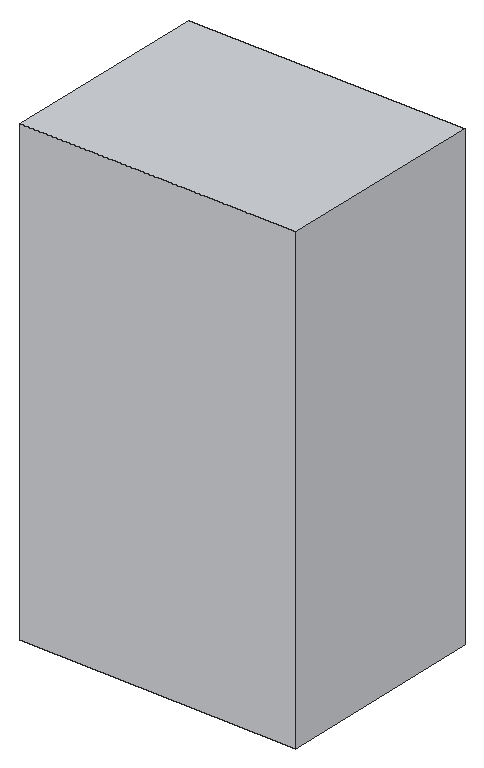
Revit family
Parameters
  Warranty Duration (Years) = 0
  URL = "http://www.americanspecialties.com/viewCategories.cfm"
  Grab Bar Length [instance] = 1' - 0"
  Body Material = Metal - Stainless Steel w/Satin
  Test Data = ""
  Specification = "http://www.arcat.com/sdspecs/htm/10810asi.htm"
  SpecWizard = ""
  Send Message = "http://www.arcat.com/users.pl?action=UserEmail&company=American%20Specialties,%20Inc.&coid=30448&rep=139&fax=914-476-0688&mf="
  Sales Information = "http://www.americanspecialties.com/contact"
  Revision = "R1_10-2010"
  Product Properties = "http://www.americanspecialties.com/datasheets/34001.pdf"
  Product Data = "http://www.arcat.com/arcatcos/cos30/arc30448.html"
  Model = "As Specified in 10 28 13"
  Manufacturer Website = "http://www.americanspecialties.com/viewCategories.cfm"
  Manufacturer Phone - Toll Free = ""
  Manufacturer Phone = "914-476-9000 "
  Manufacturer Fax = "914-476-0688"
  Manufacturer Address = "441 Saw Mill River Rd., Yonkers, NY 10701"
  Manufacturer = "American Specialties, Inc."
  Maintenance Schedule (Months) = 0
  Keynote = "10 28 13"
  Installation-Fabrication = "http://www.americanspecialties.com/products.cfm"
  Green Building-LEED = ""
  Expected Lifespan (Years) = 0
  Trim Material = none
  Drawn By = "Robert S. Weygant. CSI, CDT, SCIP"  # constant formula
  Description = "Toilet Accessory as Specified in 10 28 13"
  Default Elevation = 4' - 0"
  Copyright = "©Arcat Inc."
  Construction Details = "http://www.arcat.com/green/clients/leed_data_30448.html"
  Building Codes = "http://www.americanspecialties.com/products.cfm"
  Assembly Code = "C1030210"
Reference planes (in)
  plane 1 "Center (Front/Back)": y = -0.29112
  plane 2 "Floor Line": z = 0
  plane 3 "Center (Left/Right)": x = -0.65843
  plane 4: x = -6.65843
  plane 5: x = 5.34157
  plane 6: z = 0.125
Forms (in)
  Extrusion 1, solid
    sketch origin (-3.65843, -8.79112, -6) x (0, 0, -1) y (1, 0, 0)
      loop
        line (-82, 26) -> (-82, -19.34712) -> (-6, -19.34712) -> (-6, 26) -> (-82, 26)
    from 9 to -25.60721
  Sweep 2, solid, material "Metal - Stainless Steel w/Satin" <- "Body Material"
    path origin (0, -0.29112, 0) x (1, 0, 0) y (0, 0, 1)
      loop
        line (-6.65843, 0.125) -> (-6.65843, 0.625)
        arc (-6.65843, 0.625) -> (-6.21909, 1.68566) -> (-5.15843, 2.125) r 1.5
        line (-5.15843, 2.125) -> (3.84157, 2.125)
        arc (3.84157, 2.125) -> (4.90223, 1.68566) -> (5.34157, 0.625) r 1.5
        line (5.34157, 0.625) -> (5.34157, 0.125)
    profile origin (-0.65843, -0.29112, 2.125) x (0, 0, 1) y (0, -1, 0)
      loop
        circle (0, 0) r 0.625
  Extrusion 3, solid, material "Metal - Stainless Steel w/Satin" <- "Body Material"
    sketch origin (0, 0, 0) x (1, 0, 0) y (0, 1, 0)
      loop
        circle (-6.65843, -0.29112) r 1.5
    from 0 to 0.125
  Extrusion 4, solid, material "Metal - Stainless Steel w/Satin" <- "Body Material"
    sketch origin (-1.31687, 0, 0) x (-1, 0, 0) y (0, -1, 0)
      loop
        circle (-6.65843, 0.29112) r 1.5
    from 0 to 0.125
  Extrusion 5, void
    sketch origin (0, 0, 0) x (1, 0, 0) y (0, 1, 0)
      loop
        circle (-6.09893, -1.26713) r 0.125
      loop
        circle (-6.09294, 0.68143) r 0.125
      loop
        circle (-7.78343, -0.28766) r 0.125
    from 0 to 0.125
  Extrusion 6, void
    sketch origin (-1.31687, 0, 0) x (-1, 0, 0) y (0, -1, 0)
      loop
        circle (-6.09893, 1.26713) r 0.125
      loop
        circle (-6.09294, -0.68143) r 0.125
      loop
        circle (-7.78343, 0.28766) r 0.125
    from 0 to 0.125
Cuts and joins
  Extrusion 5, Extrusion 6 cuts Sweep 2
  Extrusion 5, Extrusion 6 cuts Extrusion 3
  Extrusion 6 cuts Extrusion 4
Dimensions and locks (in)
  equal spacing: plane 4, plane 3 "Center (Left/Right)", plane 5
  "Grab Bar Length": plane 4 to plane 5
  aligned and locked: plane 6 to Extrusion 3
  aligned and locked: plane 6 to Extrusion 4
  aligned and locked: Extrusion 4 to Extrusion 5
Automatic sketch dimensions
  Extrusion 1 sketch curve to Extrusion 1 sketch curve = 6' - 4"
  Extrusion 1 sketch curve to Extrusion 1 sketch curve = 3' - 9.34712"
  Extrusion 3 sketch curve to plane 1 "Center (Front/Back)" = 0' - 0"
  Extrusion 3 sketch curve to plane 4 = 0' - 0"
  Extrusion 4 sketch curve to plane 1 "Center (Front/Back)" = 0' - 0"
  Extrusion 4 sketch curve to plane 5 = 0' - 0"
  Extrusion 5 sketch curve to plane 1 "Center (Front/Back)" = 0' - 0.00346"
  Extrusion 5 sketch curve to plane 4 = 0' - 1 1/8"
  plane 4 to Extrusion 5 sketch curve = 0' - 0.5595"
  plane 4 to Extrusion 5 sketch curve = 0' - 0.5655"
  plane 1 "Center (Front/Back)" to Extrusion 5 sketch curve = 0' - 0.97601"
  Extrusion 5 sketch curve to plane 1 "Center (Front/Back)" = 0' - 0.97255"
  plane 1 "Center (Front/Back)" to Extrusion 6 sketch curve = 0' - 0.00346"
  Extrusion 6 sketch curve to plane 5 = 0' - 1 1/8"
  plane 5 to Extrusion 6 sketch curve = 0' - 0.5595"
  plane 5 to Extrusion 6 sketch curve = 0' - 0.5655"
  Extrusion 6 sketch curve to plane 1 "Center (Front/Back)" = 0' - 0.97601"
  plane 1 "Center (Front/Back)" to Extrusion 6 sketch curve = 0' - 0.97255"
  Sweep 2 sketch curve to plane 4 = 0' - 0"
  Sweep 2 sketch curve to plane 5 = 0' - 0"
  Sweep 2 sketch curve to plane 6 = 0' - 0"  (x2)
  plane 6 to Sweep 2 sketch curve = 0' - 0 1/2"  (x2)
  Sweep 2 sketch curve to plane 5 = 0' - 1 1/2"
  Sweep 2 sketch curve to plane 1 "Center (Front/Back)" = 0' - 0"
  Sweep 2 sketch curve to profile plane = 0' - 0"
  radius of Extrusion 3 sketch curve = 0' - 1 1/2"
  radius of Extrusion 4 sketch curve = 0' - 1 1/2"
  radius of Extrusion 5 sketch curve = 0' - 0 1/8"  (x3)
  radius of Extrusion 6 sketch curve = 0' - 0 1/8"  (x3)
  radius of Sweep 2 sketch curve = 0' - 0 5/8"
